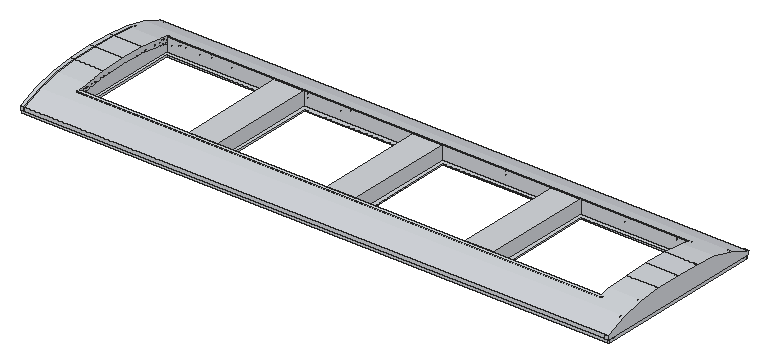
Revit family "Gira_0214334", category Electrical Fixtures, host Face, Revit 2017
Family settings
  Host = Face
  Maintain Annotation Orientation = No
  Round Connector Dimension = Use Diameter
  Part Type = Normal
  Cut with Voids When Loaded = No
  Shared = No
  Room Calculation Point = No
Parameters (values of type "Cov.fr. 4-g interm.fr. PW Gira Event Opaque white")
  With hinged lid = "No"
  URL = "http://katalog.gira.de/en/datenblatt.html?artikelnr=0214334"
  Type of fastening = "Clamp mounting"
  Transparent = "No"
  Surface protection = "Other"
  Suitable for wall duct = "No"
  Suitable for flush-mounted installation = "Yes"
  Suitable for floor box = "No"
  Suitable for built-in installation = "No"
  Number of units vertical = "4"
  Number of units horizontal = "4"
  Number of units = "4"
  Name = "Cov.fr. 4-g interm.fr. PW Gira Event Opaque white"
  Mounting direction = "Horizontal and vertical"
  Material quality = "Thermoplastic"
  Material = "Plastic"
  Manufacturer URL = "https://www.gira.de/"
  Manufacturer = "Gira"
  Label space/information surface = "No"
  Keynote = ""
  HeinzeBIM = "https://bimportal.heinze.de/bim/cov-fr-4-g-interm-fr-pw-gira-event-opaque-white/20afef93fab949eda015187adc1e1588acdc9c6a"
  Halogen free = "Yes"
  HAN = "0214334"
  GTIN = "4010337074809"
  Description = "Cov.fr.4g i.fr.PW EvOp WH,Gira Event Opaque frames,white with pure white glossy intermediate frame,4-gang,Features:,- Shatter-proof."
  Degree of protection (IP) = "IP20"
  Default Elevation = 1219.2 mm
  Data sheet (1) = "https://katalog.gira.de/en/download.html?artikelnr=0214334"
  Colour = "White"
  Category = "Cover frame for domestic switching devices"
  BIM (1) = "https://media.stage.bim.site/public/gira/36a6b08/Event_Rahmen_4fach.rfa"
  Available = "No"
Reference planes
  plane 1 "Center (Front/Back)": y = 0
  plane 2: z = 0
  plane 3 "Center (Left/Right)": x = 0
Forms (mm)
  Extrusion 1, solid, detail levels fine
    sketch origin (0, 0, 0.05) x (0, 1, 0) y (0, 0, 1)
      loop
        arc (12.445, 9.683) -> (6.223, 9.833) -> (0, 9.85) r 291.636
        arc (0, 9.85) -> (-6.223, 9.833) -> (-12.445, 9.683) r 291.636
        arc (-12.445, 9.683) -> (-29.14, 7.482) -> (-45, 1.823) r 79.728
        line (-45, 1.823) -> (-45, -0.05) -> (-42.086, -0.05)
        arc (-42.086, -0.05) -> (-21.385, 5.559) -> (0, 7.206) r 114.424
        arc (0, 7.206) -> (21.385, 5.559) -> (42.086, -0.05) r 114.424
        line (42.086, -0.05) -> (45, -0.05) -> (45, 1.823)
        arc (45, 1.823) -> (29.14, 7.482) -> (12.445, 9.683) r 79.728
    from -151.95 to 151.935
  Extrusion 2, void, detail levels fine
    sketch origin (0, 0, 0) x (1, 0, 0) y (0, 1, 0)
      loop
        line (134.95, 28.035) -> (-134.95, 28.035) -> (-134.95, -28.035) -> (134.95, -28.035) -> (134.95, 28.035)
    from 0.724 to 11
  Extrusion 3, solid, detail levels coarse
    sketch origin (0, 0, 0) x (1, 0, 0) y (0, 1, 0)
      loop
        line (-151.95, 45) -> (-151.95, -45) -> (151.935, -45) -> (151.935, 45) -> (-151.95, 45)
    from -1.5 to 9.9
  Extrusion 4, solid, detail levels medium
    sketch origin (0, 0, 0.05) x (0, 1, 0) y (0, 0, 1)
      loop
        arc (12.445, 9.683) -> (6.223, 9.833) -> (0, 9.85) r 291.636
        arc (0, 9.85) -> (-6.223, 9.833) -> (-12.445, 9.683) r 291.636
        arc (-12.445, 9.683) -> (-29.14, 7.482) -> (-45, 1.823) r 79.728
        line (-45, 1.823) -> (-45, -0.05) -> (45, -0.05) -> (45, 1.823)
        arc (45, 1.823) -> (29.14, 7.482) -> (12.445, 9.683) r 79.728
    from -151.95 to 151.935
  Extrusion 5, solid, detail levels fine
    sketch origin (-106.95, 0, -1.5) x (0, 1, 0) y (0, 0, -1)
      loop
        line (45, -3.373) -> (45, -1.5) -> (-45, -1.5) -> (-45, -3.373)
        arc (-45, -3.373) -> (-29.14, -9.032) -> (-12.445, -11.233) r 79.728
        arc (-12.445, -11.233) -> (-6.223, -11.383) -> (0, -11.4) r 291.636
        arc (0, -11.4) -> (6.223, -11.383) -> (12.445, -11.233) r 291.636
        arc (12.445, -11.233) -> (29.14, -9.032) -> (45, -3.373) r 79.728
    from 43 to 45
  Extrusion 6, solid, detail levels fine
    sketch origin (0, 0, 0) x (1, 0, 0) y (0, 1, 0)
      loop
        line (-132.85, 25.7) -> (-132.85, -25.7) -> (-81.05, -25.7) -> (-81.05, 25.7) -> (-132.85, 25.7)
      loop
        line (-9.755, -25.7) -> (-9.755, 25.7) -> (-61.555, 25.7) -> (-61.555, -25.7) -> (-9.755, -25.7)
      loop
        line (-135.845, 28.49) -> (-135.845, -28.495)
        spline (-135.845, -28.495) -> (-135.836, -28.625) -> (-135.811, -28.754) -> (-135.769, -28.878) -> (-135.711, -28.995) -> (-135.638, -29.104) -> (-135.552, -29.202) -> (-135.454, -29.288) -> (-135.345, -29.361) -> (-135.228, -29.419) -> (-135.104, -29.461) -> (-134.975, -29.486) -> (-134.845, -29.495)
        line (-134.845, -29.495) -> (134.845, -29.495)
        spline (134.845, -29.495) -> (134.975, -29.486) -> (135.104, -29.461) -> (135.228, -29.419) -> (135.345, -29.361) -> (135.454, -29.288) -> (135.552, -29.202) -> (135.638, -29.104) -> (135.711, -28.995) -> (135.769, -28.878) -> (135.811, -28.754) -> (135.836, -28.625) -> (135.845, -28.495)
        line (135.845, -28.495) -> (135.845, 28.49)
        spline (135.845, 28.49) -> (135.836, 28.62) -> (135.811, 28.748) -> (135.769, 28.872) -> (135.711, 28.99) -> (135.638, 29.098) -> (135.552, 29.197) -> (135.454, 29.283) -> (135.345, 29.356) -> (135.228, 29.413) -> (135.104, 29.456) -> (134.975, 29.481) -> (134.845, 29.49)
        line (134.845, 29.49) -> (-134.845, 29.49)
        spline (-134.845, 29.49) -> (-134.975, 29.481) -> (-135.104, 29.456) -> (-135.228, 29.413) -> (-135.345, 29.356) -> (-135.454, 29.283) -> (-135.552, 29.197) -> (-135.638, 29.098) -> (-135.711, 28.99) -> (-135.769, 28.872) -> (-135.811, 28.748) -> (-135.836, 28.62) -> (-135.845, 28.49)
      loop
        line (61.545, -25.7) -> (61.545, 25.7) -> (9.745, 25.7) -> (9.745, -25.7) -> (61.545, -25.7)
      loop
        line (132.85, -25.7) -> (132.85, 25.7) -> (81.05, 25.7) -> (81.05, -25.7) -> (132.85, -25.7)
    from 0.1 to 7.3
  Extrusion 7, solid
    sketch origin (0, 0, 0) x (1, 0, 0) y (0, 1, 0)
      loop
        arc (-151.65, -44.218) -> (-151.504, -44.572) -> (-151.15, -44.718) r 0.5
        line (-151.15, -44.718) -> (151.15, -44.718)
        arc (151.15, -44.718) -> (151.504, -44.572) -> (151.65, -44.218) r 0.5
        line (151.65, -44.218) -> (151.65, 44.182)
        arc (151.65, 44.182) -> (151.504, 44.535) -> (151.15, 44.682) r 0.5
        line (151.15, 44.682) -> (-151.15, 44.682)
        arc (-151.15, 44.682) -> (-151.504, 44.535) -> (-151.65, 44.182) r 0.5
        line (-151.65, 44.182) -> (-151.65, -44.218)
      loop
        line (-149.95, 42.982) -> (-149.95, -43.018) -> (149.95, -43.018) -> (149.95, 42.982) -> (-149.95, 42.982)
    from -1.5 to 0.5
  Extrusion 8, solid, detail levels fine
    sketch origin (106.935, 0, -1.5) x (0, 1, 0) y (0, 0, 1)
      loop
        arc (45, 3.373) -> (29.14, 9.032) -> (12.445, 11.233) r 79.728
        arc (12.445, 11.233) -> (6.223, 11.383) -> (0, 11.4) r 291.636
        arc (0, 11.4) -> (-6.223, 11.383) -> (-12.445, 11.233) r 291.636
        arc (-12.445, 11.233) -> (-29.14, 9.032) -> (-45, 3.373) r 79.728
        line (-45, 3.373) -> (-45, 1.5) -> (45, 1.5) -> (45, 3.373)
    from 43 to 45
  Extrusion 9, solid, detail levels medium
    sketch origin (0, 0, 0) x (1, 0, 0) y (0, 1, 0)
      loop
        line (-151.65, -44.718) -> (151.65, -44.718) -> (151.65, 44.682) -> (-151.65, 44.682) -> (-151.65, -44.718)
    from -1.5 to 0.5
  Extrusion 10, solid, detail levels fine
    sketch origin (-69.857, 0, 0) x (1, 0, 0) y (0, 1, 0)
      loop
        line (-8.943, 28.063) -> (-8.943, -27.937) -> (6.057, -27.937) -> (6.057, 28.063) -> (-8.943, 28.063)
    from 0.724 to 7.566
  Extrusion 11, solid, detail levels fine
    sketch origin (-1.443, 0, 0) x (-1, 0, 0) y (0, -1, 0)
      loop
        line (-8.943, -28.063) -> (6.057, -28.063) -> (6.057, 27.937) -> (-8.943, 27.937) -> (-8.943, -28.063)
    from 0.724 to 7.566
  Extrusion 12, solid, detail levels fine
    sketch origin (69.857, 0, 0) x (-1, 0, 0) y (0, -1, 0)
      loop
        line (-8.943, -28.063) -> (6.057, -28.063) -> (6.057, 27.937) -> (-8.943, 27.937) -> (-8.943, -28.063)
    from 0.724 to 7.566
Cuts and joins
  Extrusion 2 cuts Extrusion 1
  Extrusion 2 cuts Extrusion 6
Dimensions and locks
  aligned and locked: plane 2 to host face
  aligned and locked: level to host face
